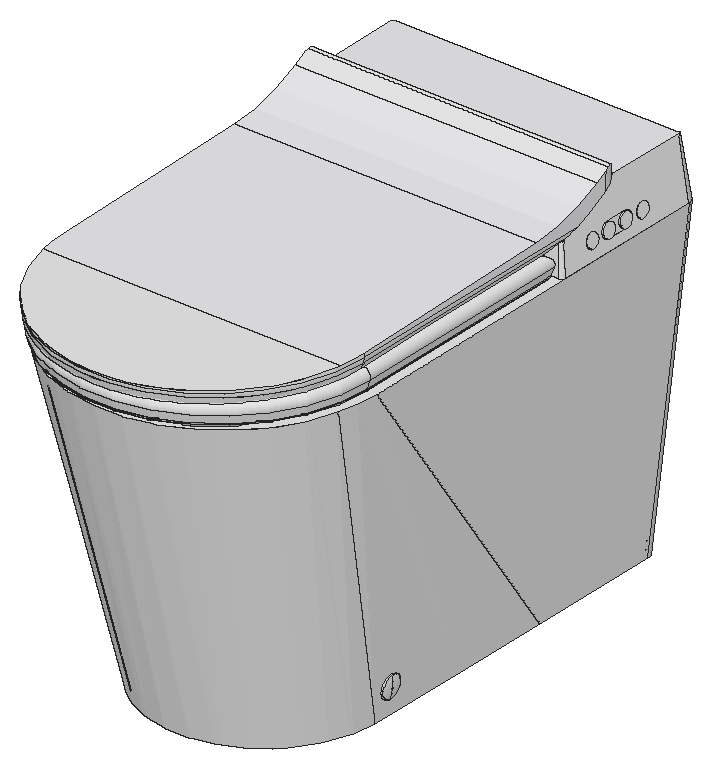
Revit family "NM", category Plumbing Fixtures, host Face, Revit 2022 (continued)
Definition of nested family "K-28529NM"
  Lines and regions (in)
    symbolic lines, detail levels medium+fine
      curve 126: arc (0, -15.60272, 15.90552) -> (0, -15.6445, 15.88637) -> (0, -15.68187, 15.85961) r 0.24012
      curve 127: line (0, -22.73658, 15.8371) -> (0, -23.63343, 15.8371)
      curve 128: arc (0, -23.63343, 15.8371) -> (0, -23.66226, 15.84423) -> (0, -23.68443, 15.86397) r 0.06184
      curve 129: arc (0, -23.68443, 15.86397) -> (0, -23.71337, 15.89169) -> (0, -23.75098, 15.90552) r 0.09804
      curve 130: arc (0, -22.67651, 15.85961) -> (0, -22.7045, 15.84291) -> (0, -22.73658, 15.8371) r 0.09138
      curve 131: arc (0, -22.59736, 15.90552) -> (0, -22.63914, 15.88637) -> (0, -22.67651, 15.85961) r 0.24012
      curve 132: line (0, -25.79608, 15.90552) -> (0, -12.27045, 15.90552)
      curve 133: line (0, -3.74016, 3.77482) -> (0, -3.74017, 4.93847)
      curve 134: spline (0, -3.74017, 4.93847) -> (0, -3.42502, 4.80705) -> (0, -3.15006, 4.6053) -> (0, -2.93085, 4.34464) -> (0, -2.77984, 4.03986) -> (0, -2.70558, 3.70822) -> (0, -2.71227, 3.36853) -> (0, -2.79955, 3.04004) -> (0, -2.96245, 2.74137) -> (0, -3.19175, 2.48945) -> (0, -3.47446, 2.29856) -> (0, -3.79454, 2.17952) -> (0, -4.13385, 2.13907)
      curve 135: spline (0, -4.13386, 3.3834) -> (0, -4.08247, 3.38675) -> (0, -4.03196, 3.39674) -> (0, -3.98319, 3.4132) -> (0, -3.93701, 3.43585) -> (0, -3.89419, 3.46429) -> (0, -3.85547, 3.49805) -> (0, -3.82151, 3.53654) -> (0, -3.7929, 3.57911) -> (0, -3.77013, 3.62503) -> (0, -3.75357, 3.67351) -> (0, -3.74353, 3.72373) -> (0, -3.74016, 3.77482)
      curve 136: line (0, -4.52756, 3.77481) -> (0, -4.52757, 4.93846)
      curve 137: spline (0, -4.52757, 4.93846) -> (0, -4.84271, 4.80704) -> (0, -5.11767, 4.60528) -> (0, -5.33687, 4.34462) -> (0, -5.48788, 4.03984) -> (0, -5.56214, 3.7082) -> (0, -5.55544, 3.36851) -> (0, -5.46817, 3.04003) -> (0, -5.30526, 2.74136) -> (0, -5.07595, 2.48944) -> (0, -4.79324, 2.29855) -> (0, -4.47316, 2.17952) -> (0, -4.13385, 2.13907)
      curve 138: spline (0, -4.13386, 3.3834) -> (0, -4.18525, 3.38675) -> (0, -4.23576, 3.39674) -> (0, -4.28452, 3.4132) -> (0, -4.33071, 3.43584) -> (0, -4.37353, 3.46429) -> (0, -4.41225, 3.49805) -> (0, -4.4462, 3.53654) -> (0, -4.47481, 3.57911) -> (0, -4.49759, 3.62503) -> (0, -4.51415, 3.67351) -> (0, -4.52419, 3.72372) -> (0, -4.52756, 3.77481)
      curve 139: line (0, -12.09412, 15.90552) -> (0, -12.13632, 15.74803)
      curve 140: arc (0, -6.89609, 17.43712) -> (0, -6.92594, 17.4087) -> (0, -6.93734, 17.36909) r 0.07874
      curve 141: arc (0, -5.70983, 18.66204) -> (0, -6.13924, 18.32275) -> (0, -6.60071, 18.02852) r 5.41629
      curve 142: arc (0, -6.49968, 17.83068) -> (0, -6.00044, 18.0443) -> (0, -5.54675, 18.34269) r 3.06412
      curve 143: line (0, -22.63702, 17.1029) -> (0, -23.36557, 17.09447)
      curve 144: line (0, -22.80945, 16.94568) -> (0, -23.21561, 16.94452)
      curve 145: line (0, -9.15329, 16.58724) -> (0, -27.36533, 16.53704)
      curve 146: line (0, -1.67298, 15.74803) -> (0, -1.67298, 0)
      curve 147: line (0, -1.67298, 15.74803) -> (0, -1.89418, 17.00252)
      curve 148: line (0, -1.12897, 18.26487) -> (0, -5.64922, 18.26487)
      curve 149: line (0, -0.7874, 15.51181) -> (0, -27.29705, 15.51181)
      curve 150: line (0, -0.7874, 0.19685) -> (0, -22.62001, 0.19685)
      curve 151: line (-5.44907, 0, 0.17311) -> (5.44907, 0, 0.17311)
      curve 152: circle (0, -16.72958, 1.37402) r 0.54389 normal (1, 0, 0)
      curve 153: line (-5.74031, 0, 3.22984) -> (-7.18376, 0, 14.82022)
      curve 154: spline (5.65525, 0, 2.73947) -> (5.66259, 0, 2.79177) -> (5.67015, 0, 2.84358) -> (5.67786, 0, 2.89441) -> (5.68563, 0, 2.94377) -> (5.69339, 0, 2.9912) -> (5.70108, 0, 3.03625) -> (5.70861, 0, 3.0785) -> (5.71593, 0, 3.11754) -> (5.72295, 0, 3.15301) -> (5.72961, 0, 3.18457) -> (5.73586, 0, 3.21192) -> (5.74162, 0, 3.23481)
      curve 155: spline (5.71495, 0, 2.73947) -> (5.70538, 0, 2.67174) -> (5.69549, 0, 2.60509) -> (5.68544, 0, 2.54057) -> (5.67538, 0, 2.4792) -> (5.66547, 0, 2.42197) -> (5.65588, 0, 2.36978) -> (5.64675, 0, 2.32346) -> (5.63822, 0, 2.28374) -> (5.63045, 0, 2.25125) -> (5.62353, 0, 2.22651) -> (5.6176, 0, 2.20992) -> (5.61274, 0, 2.20173)
      curve 156: line (5.74162, 0, 3.23481) -> (7.16846, 0, 14.6722)
      curve 157: arc (-7.21375, 0, 16.07865) -> (-7.22688, 0, 16.08837) -> (-7.2309, 0, 16.1042) r 0.0243
      curve 158: arc (-6.96946, 0, 17.10758) -> (-6.98056, 0, 17.1084) -> (-6.99166, 0, 17.10922) r 9.4345
      curve 159: arc (-7.06909, 0, 17.05016) -> (-7.02233, 0, 17.08417) -> (-6.96946, 0, 17.10758) r 0.27349
      curve 160: arc (-6.47498, 0, 19.36614) -> (-6.81114, 0, 19.21689) -> (-6.96066, 0, 18.88084) r 0.51231
      curve 161: arc (6.94938, 0, 18.82947) -> (6.80595, 0, 19.1807) -> (6.47498, 0, 19.36614) r 0.57499
      curve 162: arc (7.06278, 0, 17.05569) -> (7.01868, 0, 17.08624) -> (6.96946, 0, 17.10758) r 0.27349
      curve 163: line (5.62312, 0, 17.08346) -> (6.39368, 0, 17.08346)
      curve 164: line (5.08433, 0, 17.08346) -> (5.62312, 0, 17.08346)
      curve 165: line (4.63582, 0, 15.91563) -> (5.52674, 0, 15.91563)
      curve 166: line (5.52674, 0, 15.91563) -> (6.68784, 0, 15.91563)
      curve 167: line (5.91493, 0, 15.8324) -> (5.64562, 0, 15.8324)
      curve 168: line (-5.66841, 0, 17.08346) -> (-6.39368, 0, 17.08346)
      curve 169: line (-5.11455, 0, 17.08346) -> (-5.66841, 0, 17.08346)
      curve 170: line (7.2309, 0, 16.1042) -> (7.15776, 0, 16.8758)
      curve 171: arc (7.21375, 0, 16.07865) -> (7.22688, 0, 16.08837) -> (7.2309, 0, 16.1042) r 0.0243
      curve 179: line (6.10792, 0, 5.03111) -> (5.684, 0, 2.12297)
      curve 180: arc (0, -1.94941, 17.31576) -> (0, -2.05829, 17.13507) -> (0, -1.89418, 17.00252) r 0.16054
      curve 181: line (0, -5.13376, 15.76598) -> (0, -5.13376, 17.79247)
      curve 182: arc (0, -5.13376, 17.79247) -> (0, -5.1491, 17.82951) -> (0, -5.18613, 17.84485) r 0.05238
      curve 183: line (0, -5.18613, 17.84485) -> (0, -6.09611, 17.84485)
      curve 184: line (0, -6.09611, 17.84485) -> (0, -6.83893, 17.43309)
      curve 185: arc (0, -6.83893, 17.43309) -> (0, -6.87382, 17.39938) -> (0, -6.88715, 17.35272) r 0.09361
      curve 186: line (0, -6.88715, 17.35272) -> (0, -6.91267, 15.76598)
      curve 187: circle (0, -5.22136, 15.83788) r 0.04264 normal (1, 0, 0)
      curve 188: circle (0, -5.37937, 15.83788) r 0.04264 normal (1, 0, 0)
      curve 189: circle (0, -5.49778, 15.83788) r 0.04264 normal (1, 0, 0)
      curve 190: circle (0, -5.62538, 15.83788) r 0.04264 normal (1, 0, 0)
      curve 191: circle (0, -5.75153, 15.83788) r 0.04264 normal (1, 0, 0)
      curve 192: circle (0, -5.8877, 15.83788) r 0.04264 normal (1, 0, 0)
      curve 193: circle (0, -6.02056, 15.83788) r 0.04264 normal (1, 0, 0)
      curve 194: circle (0, -6.14593, 15.83788) r 0.04264 normal (1, 0, 0)
      curve 195: circle (0, -6.27304, 15.83788) r 0.04264 normal (1, 0, 0)
      curve 196: circle (0, -6.39782, 15.83788) r 0.04264 normal (1, 0, 0)
      curve 197: circle (0, -6.51796, 15.83788) r 0.04264 normal (1, 0, 0)
      curve 198: circle (0, -6.64159, 15.83788) r 0.04264 normal (1, 0, 0)
      curve 199: circle (0, -6.77044, 15.83788) r 0.04264 normal (1, 0, 0)
      curve 200: circle (0, -5.22136, 16.03473) r 0.04264 normal (1, 0, 0)
      curve 201: circle (0, -5.37937, 16.03473) r 0.04264 normal (1, 0, 0)
      curve 202: circle (0, -5.49778, 16.03473) r 0.04264 normal (1, 0, 0)
      curve 203: circle (0, -5.62538, 16.03473) r 0.04264 normal (1, 0, 0)
      curve 204: circle (0, -5.75153, 16.03473) r 0.04264 normal (1, 0, 0)
      curve 205: circle (0, -5.8877, 16.03473) r 0.04264 normal (1, 0, 0)
      curve 206: circle (0, -6.02056, 16.03473) r 0.04264 normal (1, 0, 0)
      curve 207: circle (0, -6.14593, 16.03473) r 0.04264 normal (1, 0, 0)
      curve 208: circle (0, -6.27304, 16.03473) r 0.04264 normal (1, 0, 0)
      curve 209: circle (0, -6.39782, 16.03473) r 0.04264 normal (1, 0, 0)
      curve 210: circle (0, -6.51796, 16.03473) r 0.04264 normal (1, 0, 0)
      curve 211: circle (0, -6.64159, 16.03473) r 0.04264 normal (1, 0, 0)
      curve 212: circle (0, -6.77044, 16.03473) r 0.04264 normal (1, 0, 0)
      curve 213: circle (0, -5.22136, 16.23158) r 0.04264 normal (1, 0, 0)
      curve 214: circle (0, -5.37937, 16.23158) r 0.04264 normal (1, 0, 0)
      curve 215: circle (0, -5.49778, 16.23158) r 0.04264 normal (1, 0, 0)
      curve 216: circle (0, -5.62538, 16.23158) r 0.04264 normal (1, 0, 0)
      curve 217: circle (0, -5.75153, 16.23158) r 0.04264 normal (1, 0, 0)
      curve 218: circle (0, -5.8877, 16.23158) r 0.04264 normal (1, 0, 0)
      curve 219: circle (0, -6.02056, 16.23158) r 0.04264 normal (1, 0, 0)
      curve 220: circle (0, -6.14593, 16.23158) r 0.04264 normal (1, 0, 0)
      curve 221: circle (0, -6.27304, 16.23158) r 0.04264 normal (1, 0, 0)
      curve 222: circle (0, -6.39782, 16.23158) r 0.04264 normal (1, 0, 0)
      curve 223: circle (0, -6.51796, 16.23158) r 0.04264 normal (1, 0, 0)
      curve 224: circle (0, -6.64159, 16.23158) r 0.04264 normal (1, 0, 0)
      curve 225: circle (0, -6.77044, 16.23158) r 0.04264 normal (1, 0, 0)
      curve 226: circle (0, -5.22136, 16.42843) r 0.04264 normal (1, 0, 0)
      curve 227: circle (0, -5.37937, 16.42843) r 0.04264 normal (1, 0, 0)
      curve 228: circle (0, -5.49778, 16.42843) r 0.04264 normal (1, 0, 0)
      curve 229: circle (0, -5.62538, 16.42843) r 0.04264 normal (1, 0, 0)
      curve 230: circle (0, -5.75153, 16.42843) r 0.04264 normal (1, 0, 0)
      curve 231: circle (0, -5.8877, 16.42843) r 0.04264 normal (1, 0, 0)
      curve 232: circle (0, -6.02056, 16.42843) r 0.04264 normal (1, 0, 0)
      curve 233: circle (0, -6.14593, 16.42843) r 0.04264 normal (1, 0, 0)
      curve 234: circle (0, -6.27304, 16.42843) r 0.04264 normal (1, 0, 0)
      curve 235: circle (0, -6.39782, 16.42843) r 0.04264 normal (1, 0, 0)
      curve 236: circle (0, -6.51796, 16.42843) r 0.04264 normal (1, 0, 0)
      curve 237: circle (0, -6.64159, 16.42843) r 0.04264 normal (1, 0, 0)
      curve 238: circle (0, -6.77044, 16.42843) r 0.04264 normal (1, 0, 0)
      curve 239: circle (0, -5.22136, 16.62528) r 0.04264 normal (1, 0, 0)
      curve 240: circle (0, -5.37937, 16.62528) r 0.04264 normal (1, 0, 0)
      curve 241: circle (0, -5.49778, 16.62528) r 0.04264 normal (1, 0, 0)
      curve 242: circle (0, -5.62538, 16.62528) r 0.04264 normal (1, 0, 0)
      curve 243: circle (0, -5.75153, 16.62528) r 0.04264 normal (1, 0, 0)
      curve 244: circle (0, -5.8877, 16.62528) r 0.04264 normal (1, 0, 0)
      curve 245: circle (0, -6.02056, 16.62528) r 0.04264 normal (1, 0, 0)
      curve 246: circle (0, -6.14593, 16.62528) r 0.04264 normal (1, 0, 0)
      curve 247: circle (0, -6.27304, 16.62528) r 0.04264 normal (1, 0, 0)
      curve 248: circle (0, -6.39782, 16.62528) r 0.04264 normal (1, 0, 0)
      curve 249: circle (0, -6.51796, 16.62528) r 0.04264 normal (1, 0, 0)
      curve 250: circle (0, -6.64159, 16.62528) r 0.04264 normal (1, 0, 0)
      curve 251: circle (0, -6.77044, 16.62528) r 0.04264 normal (1, 0, 0)
      curve 252: circle (0, -5.22136, 16.82213) r 0.04264 normal (1, 0, 0)
      curve 253: circle (0, -5.37937, 16.82213) r 0.04264 normal (1, 0, 0)
      curve 254: circle (0, -5.49778, 16.82213) r 0.04264 normal (1, 0, 0)
      curve 255: circle (0, -5.62538, 16.82213) r 0.04264 normal (1, 0, 0)
      curve 256: circle (0, -5.75153, 16.82213) r 0.04264 normal (1, 0, 0)
      curve 257: circle (0, -5.8877, 16.82213) r 0.04264 normal (1, 0, 0)
      curve 258: circle (0, -6.02056, 16.82213) r 0.04264 normal (1, 0, 0)
      curve 259: circle (0, -6.14593, 16.82213) r 0.04264 normal (1, 0, 0)
      curve 260: circle (0, -6.27304, 16.82213) r 0.04264 normal (1, 0, 0)
      curve 261: circle (0, -6.39782, 16.82213) r 0.04264 normal (1, 0, 0)
      curve 262: circle (0, -6.51796, 16.82213) r 0.04264 normal (1, 0, 0)
      curve 263: circle (0, -6.64159, 16.82213) r 0.04264 normal (1, 0, 0)
      curve 264: circle (0, -6.77044, 16.82213) r 0.04264 normal (1, 0, 0)
      curve 265: circle (0, -5.22136, 17.01898) r 0.04264 normal (1, 0, 0)
      curve 266: circle (0, -5.37937, 17.01898) r 0.04264 normal (1, 0, 0)
      curve 267: circle (0, -5.49778, 17.01898) r 0.04264 normal (1, 0, 0)
      curve 268: circle (0, -5.62538, 17.01898) r 0.04264 normal (1, 0, 0)
      curve 269: circle (0, -5.75153, 17.01898) r 0.04264 normal (1, 0, 0)
      curve 270: circle (0, -5.8877, 17.01898) r 0.04264 normal (1, 0, 0)
      curve 271: circle (0, -6.02056, 17.01898) r 0.04264 normal (1, 0, 0)
      curve 272: circle (0, -6.14593, 17.01898) r 0.04264 normal (1, 0, 0)
      curve 273: circle (0, -6.27304, 17.01898) r 0.04264 normal (1, 0, 0)
      curve 274: circle (0, -6.39782, 17.01898) r 0.04264 normal (1, 0, 0)
      curve 275: circle (0, -6.51796, 17.01898) r 0.04264 normal (1, 0, 0)
      curve 276: circle (0, -6.64159, 17.01898) r 0.04264 normal (1, 0, 0)
      curve 277: circle (0, -6.77044, 17.01898) r 0.04264 normal (1, 0, 0)
      curve 278: circle (0, -5.22136, 17.21583) r 0.04264 normal (1, 0, 0)
      curve 279: circle (0, -5.37937, 17.21583) r 0.04264 normal (1, 0, 0)
      curve 280: circle (0, -5.49778, 17.21583) r 0.04264 normal (1, 0, 0)
      curve 281: circle (0, -5.62538, 17.21583) r 0.04264 normal (1, 0, 0)
      curve 282: circle (0, -5.75153, 17.21583) r 0.04264 normal (1, 0, 0)
      curve 283: circle (0, -5.8877, 17.21583) r 0.04264 normal (1, 0, 0)
      curve 284: circle (0, -6.02056, 17.21583) r 0.04264 normal (1, 0, 0)
      curve 285: circle (0, -6.14593, 17.21583) r 0.04264 normal (1, 0, 0)
      curve 286: circle (0, -6.27304, 17.21583) r 0.04264 normal (1, 0, 0)
      curve 287: circle (0, -6.39782, 17.21583) r 0.04264 normal (1, 0, 0)
      curve 288: circle (0, -6.51796, 17.21583) r 0.04264 normal (1, 0, 0)
      curve 289: circle (0, -6.64159, 17.21583) r 0.04264 normal (1, 0, 0)
      curve 290: circle (0, -6.77044, 17.21583) r 0.04264 normal (1, 0, 0)
      curve 291: circle (0, -5.22136, 17.41268) r 0.04264 normal (1, 0, 0)
      curve 292: circle (0, -5.37937, 17.41268) r 0.04264 normal (1, 0, 0)
      curve 293: circle (0, -5.49778, 17.41268) r 0.04264 normal (1, 0, 0)
      curve 294: circle (0, -5.62538, 17.41268) r 0.04264 normal (1, 0, 0)
      curve 295: circle (0, -5.75153, 17.41268) r 0.04264 normal (1, 0, 0)
      curve 296: circle (0, -5.8877, 17.41268) r 0.04264 normal (1, 0, 0)
      curve 297: circle (0, -6.02056, 17.41268) r 0.04264 normal (1, 0, 0)
      curve 298: circle (0, -6.14593, 17.41268) r 0.04264 normal (1, 0, 0)
      curve 299: circle (0, -6.27304, 17.41268) r 0.04264 normal (1, 0, 0)
      curve 300: circle (0, -6.39782, 17.41268) r 0.04264 normal (1, 0, 0)
      curve 301: circle (0, -6.51796, 17.41268) r 0.04264 normal (1, 0, 0)
      curve 302: circle (0, -6.64159, 17.41268) r 0.04264 normal (1, 0, 0)
      curve 303: circle (0, -6.77044, 17.41268) r 0.04264 normal (1, 0, 0)
      curve 304: circle (0, -5.22136, 17.60953) r 0.04264 normal (1, 0, 0)
      curve 305: circle (0, -5.37937, 17.60953) r 0.04264 normal (1, 0, 0)
      curve 306: circle (0, -5.49778, 17.60953) r 0.04264 normal (1, 0, 0)
      curve 307: circle (0, -5.62538, 17.60953) r 0.04264 normal (1, 0, 0)
      curve 308: circle (0, -5.75153, 17.60953) r 0.04264 normal (1, 0, 0)
      curve 309: circle (0, -5.8877, 17.60953) r 0.04264 normal (1, 0, 0)
      curve 310: circle (0, -6.02056, 17.60953) r 0.04264 normal (1, 0, 0)
      curve 311: circle (0, -6.14593, 17.60953) r 0.04264 normal (1, 0, 0)
      curve 312: circle (0, -6.27304, 17.60953) r 0.04264 normal (1, 0, 0)
      curve 313: circle (0, -6.39782, 17.60953) r 0.04264 normal (1, 0, 0)
      curve 314: circle (0, -5.22136, 17.7776) r 0.04264 normal (1, 0, 0)
      curve 315: circle (0, -5.37937, 17.7776) r 0.04264 normal (1, 0, 0)
      curve 316: circle (0, -5.49778, 17.7776) r 0.04264 normal (1, 0, 0)
      curve 317: circle (0, -5.62538, 17.7776) r 0.04264 normal (1, 0, 0)
      curve 318: circle (0, -5.75153, 17.7776) r 0.04264 normal (1, 0, 0)
      curve 319: circle (0, -5.8877, 17.7776) r 0.04264 normal (1, 0, 0)
      curve 320: circle (0, -6.02056, 17.7776) r 0.04264 normal (1, 0, 0)
      curve 321: spline (-5.61222, 0, 2.20131) -> (-5.60846, 0, 2.20311) -> (-5.60608, 0, 2.21459) -> (-5.60513, 0, 2.23554) -> (-5.60562, 0, 2.26558) -> (-5.60754, 0, 2.30417) -> (-5.61087, 0, 2.35062) -> (-5.61553, 0, 2.40408) -> (-5.62145, 0, 2.46359) -> (-5.62852, 0, 2.52809) -> (-5.63661, 0, 2.59639) -> (-5.64557, 0, 2.66728) -> (-5.65525, 0, 2.73947)
      curve 322: spline (-5.74031, 0, 3.22984) -> (-5.74914, 0, 3.25998) -> (-5.75619, 0, 3.27574) -> (-5.76128, 0, 3.27668) -> (-5.76427, 0, 3.26277) -> (-5.76507, 0, 3.23439) -> (-5.76366, 0, 3.19233) -> (-5.76007, 0, 3.13776) -> (-5.75441, 0, 3.07218) -> (-5.74684, 0, 2.9974) -> (-5.73756, 0, 2.91549) -> (-5.72683, 0, 2.82871) -> (-5.71495, 0, 2.73947)
      curve 323: spline (5.61274, 0, 2.20173) -> (5.60879, 0, 2.20246) -> (5.60625, 0, 2.21306) -> (5.60515, 0, 2.23335) -> (5.60553, 0, 2.26294) -> (5.60737, 0, 2.30131) -> (5.61064, 0, 2.34772) -> (5.61528, 0, 2.40135) -> (5.6212, 0, 2.46119) -> (5.6283, 0, 2.52616) -> (5.63644, 0, 2.59504) -> (5.64548, 0, 2.66658) -> (5.65525, 0, 2.73947)
      curve 324: spline (5.74162, 0, 3.23481) -> (5.75013, 0, 3.26278) -> (5.75688, 0, 3.27661) -> (5.76169, 0, 3.27593) -> (5.76444, 0, 3.26076) -> (5.76504, 0, 3.23151) -> (5.76348, 0, 3.18897) -> (5.7598, 0, 3.13428) -> (5.75411, 0, 3.06893) -> (5.74655, 0, 2.99468) -> (5.73733, 0, 2.91354) -> (5.7267, 0, 2.8277) -> (5.71495, 0, 2.73947)
      curve 325: arc (0, -1.89418, 17.00252) -> (0, -1.74208, 17.19083) -> (0, -1.94941, 17.31576) r 0.16054
      curve 326: line (0, -1.94941, 17.31576) -> (0, -2.17666, 18.60459)
    symbolic lines
      curve 6: line (-6.34468, -5.38042, 0) -> (6.24272, -5.38042, 0)
      curve 7: arc (-7.12809, -6.00511, 0) -> (-7.12029, -11.74711, 0) -> (-7.1251, -17.48912, 0) r 2611.16093
      curve 8: arc (6.24272, -5.38042, 0) -> (6.55909, -5.43527, 0) -> (6.83853, -5.59343, 0) r 0.93977
      curve 9: arc (-7.12809, -6.00511, 0) -> (-7.02263, -5.75258, 0) -> (-6.83853, -5.55008, 0) r 0.80358
      curve 36: line (-6.83853, -5.55008, 0) -> (-6.83853, -1.92178, 0)
      curve 37: line (6.83853, -5.59343, 0) -> (6.83853, -1.92178, 0)
      curve 38: line (6.36609, -1.44934, 0) -> (-6.36609, -1.44934, 0)
      curve 39: arc (-6.36609, -1.44934, 0) -> (-6.70016, -1.58772, 0) -> (-6.83853, -1.92178, 0) r 0.47244
      curve 40: arc (6.36609, -1.44934, 0) -> (6.70016, -1.58772, 0) -> (6.83853, -1.92178, 0) r 0.47244
      curve 172: arc (-7.1251, -17.48912, 0) -> (-7.12679, -19.08118, 0) -> (-7.1257, -20.67323, 0) r 908.59878
      curve 173: arc (7.12809, -6.00511, 0) -> (7.12512, -7.35914, 0) -> (7.12284, -8.71318, 0) r 2611.16093
      curve 174: arc (7.1251, -17.48912, 0) -> (7.12679, -19.08118, 0) -> (7.1257, -20.67323, 0) r 908.59878
      curve 175: arc (7.12284, -8.71318, 0) -> (7.12263, -8.86618, 0) -> (7.12242, -9.01919, 0) r 2611.16093
      curve 176: arc (7.12242, -9.01919, 0) -> (7.12033, -13.25416, 0) -> (7.1251, -17.48912, 0) r 2611.16093
      curve 177: arc (-6.83853, -5.55008, 0) -> (-6.60577, -5.42402, 0) -> (-6.34468, -5.38042, 0) r 0.80358
      curve 178: arc (6.83853, -5.59343, 0) -> (7.01139, -5.77953, 0) -> (7.12809, -6.00511, 0) r 0.93977
  Dimensions and locks (in)
    plane 8 to level = 19.36614"
    plane 7 to level = 15.74803"
    plane 1 "Center (Front/Back)" to plane 5 = 12.00787"
    plane 5 to plane 9 = 9.64567"
    plane 5 to plane 1 "Center (Front/Back)" = 12.00787"
    plane 4 to plane 6 = 26.79921"
    plane 1 "Center (Front/Back)" to plane 4 = 0.7874"
    plane 4 to plane 5 = 11.22047"
    plane 5 to plane 19 = 10.33858"
    plane 18 to plane 17 = 14.49606"
    aligned and locked: plane 2 to level
